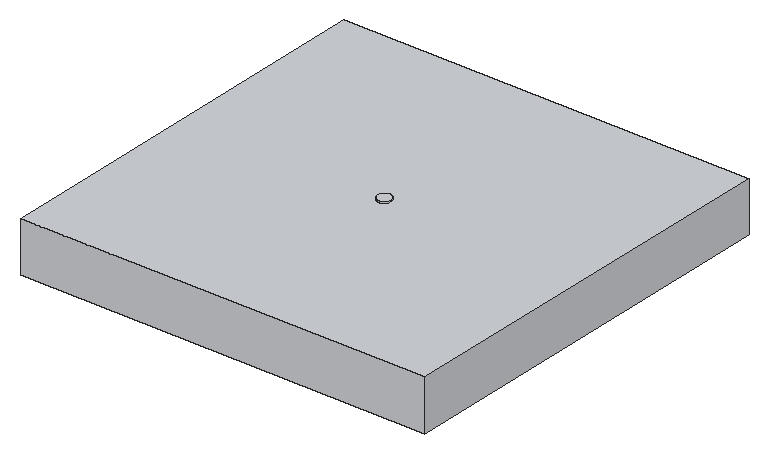
Revit family "M_Sprinkler - Pendente - Embutido por completo - Hospedado", category Sprinklers, Revit 2019
Family settings
  Hospedeiro = Face
  Manter orientação da anotação = Sim
  Cota do conector redondo = Usar raio
  Tipo de parte = Normal
  Número OmniClass = 23.65.70.17.11.24
  Título OmniClass = Fire Fighting Sprinkler Heads
  ID de item do Seek = Sprinkler - Pendent - Fully Recessed - Hosted-0000-CAN-ENU
  Corte com vazios quando carregada = Não
  Compartilhado = Não
  Ponto de cálculo do ambiente = Não
Parameters (values of type "Pendente de 15 mm")
  Classificação de temperatura = 57 °C
  Símbolo [instance] = M_Sprinkler - Símbolo - Pendente : Sprinkler - Símbolo - Pendente
  Resposta = Padrão
  Queda de pressão [instance] = 48300.0 Pa
  Classe de pressão = Padrão
  Tamanho do orifício = 13 mm
  Orifício = Padrão
  Fator-K = 81
  Fluxo [instance] = 2.0 L/s
  Diâmetro do escudete = 83 mm
  Cobertura = Padrão
  Diâmetro nominal = Raio nominal * 2  # 15 mm
  Raio nominal = 7.5 mm
  Raio do escudete = 0.5 * Diâmetro do escudete  # 41.5 mm
  Protrusão = 0 mm
  Comprimento total = 60 mm
  Espessura do escudete = 5 mm
  Elevação-padrão = 2400 mm
  CEL = 7 mm
  Assembly Code = ""
Types (8, lengths in mm): name | Símbolo | Queda de pressão | Tamanho do orifício | Fator-K | Fluxo | Diâmetro nominal | Raio nominal | Comprimento total | CEL
  Pendente de 15 mm | M_Sprinkler - Símbolo - Pendente : Sprinkler - Símbolo - Pendente | 48300.0 Pa | 13 | 81 | 2.0 L/s | 15 | 7.5 | 60 | 7
  Pendente em gota de 15 mm | M_Sprinkler - Símbolo - Pendente em gota : Sprinkler - Símbolo - Pendente em gota | 48300.0 Pa | 13 | 81 | 2.0 L/s | 15 | 7.5 | 60 | 7
  Pendente em gota de 15 mm com proteção | M_Sprinkler - Símbolo - Pendente em gota com proteção : Sprinkler - Símbolo - Pendente em gota com proteção | 48300.0 Pa | 13 | 81 | 2.0 L/s | 15 | 7.5 | 60 | 7
  Pendente de 15 mm com proteção | M_Sprinkler - Símbolo - Pendente com protetor : Sprinkler - Símbolo - Pendente com proteção | 48300.0 Pa | 13 | 81 | 2.0 L/s | 15 | 7.5 | 60 | 7
  Pendente de 20 mm | M_Sprinkler - Símbolo - Pendente : Sprinkler - Símbolo - Pendente | 96500.0 Pa | 14 | 115 | 3.0 L/s | 20 | 10 | 64 | 10
  Pendente em gota de 20 mm | M_Sprinkler - Símbolo - Pendente em gota : Sprinkler - Símbolo - Pendente em gota | 96500.0 Pa | 14 | 115 | 3.0 L/s | 20 | 10 | 64 | 10
  Pendente em gota de 20 mm com proteção | M_Sprinkler - Símbolo - Pendente em gota com proteção : Sprinkler - Símbolo - Pendente em gota com proteção | 96500.0 Pa | 14 | 115 | 3.0 L/s | 20 | 10 | 64 | 10
  Pendente de 20 mm com proteção | M_Sprinkler - Símbolo - Pendente com protetor : Sprinkler - Símbolo - Pendente com proteção | 96500.0 Pa | 14 | 115 | 3.0 L/s | 20 | 10 | 64 | 10
Reference planes
  plane 1 "Centro (Frente/Trás)": y = 0
  plane 2: z = 0
  plane 3 "Centro (Esquerda/Direita)": x = 0
  plane 4: z = -60
  plane 5: z = 5
  plane 6: z = 0
  plane 7: z = -53
Forms (mm)
  Extrusion 1, solid
    sketch origin (0, 0, 0) x (1, 0, 0) y (0, 1, 0)
      loop
        line (-1219.2, 1219.2) -> (-1219.2, -1219.2) -> (1219.2, -1219.2) -> (1219.2, 1219.2) -> (-1219.2, 1219.2)
    from 0 to -304.8
  Extrusion 2, solid
    sketch origin (0, 0, 0) x (1, 0, 0) y (0, 1, 0)
      loop
        circle (0, 0) r 7.5
    from -53 to 0
  Extrusion 3, solid
    sketch origin (0, 0, 0) x (1, 0, 0) y (0, 1, 0)
      loop
        circle (0, 0) r 41.5
    from 0 to 5
Cuts and joins
  joined: Extrusion 2, Extrusion 3
Dimensions and locks
  "Espessura do escudete": plane 5 to level
  "Protrusão": plane 6 to level
  "Comprimento total": plane 6 to plane 4
  "CEL": plane 7 to plane 4
  "Raio nominal": radius of Extrusion 2 sketch curve
  "Raio do escudete": radius of Extrusion 3 sketch curve
  aligned and locked: plane 2 to Extrusion 1
  aligned and locked: level to Extrusion 1
  aligned and locked: Extrusion 3 to level
  aligned and locked: plane 5 to Extrusion 3
  aligned and locked: plane 6 to Extrusion 2
  aligned and locked: Extrusion 2 to plane 7
Automatic sketch dimensions
  Extrusion 2 sketch curve to plane 1 "Centro (Frente/Trás)" = 0 mm
  Extrusion 2 sketch curve to plane 3 "Centro (Esquerda/Direita)" = 0 mm
  Extrusion 3 sketch curve to plane 1 "Centro (Frente/Trás)" = 0 mm
  Extrusion 3 sketch curve to plane 3 "Centro (Esquerda/Direita)" = 0 mm
  Extrusion 1 sketch curve to Extrusion 1 sketch curve = 2438.4 mm  (x2)
Nested families
  nested 1: "M_Sprinkler - Símbolo - Pendente" at (0, 0, 0), type <- "Símbolo", type "Sprinkler - Símbolo - Pendente"
Connectors
  piping at (0, 0, -53), diameter 15, driven by "Raio nominal", driven by "Fluxo", driven by "Queda de pressão"
    settings: on cut or joined group of Extrusion 2, Extrusion 3, index 1, connector inside diameter 15 mm, connector length 0 mm, flow factor 0, pipe flow 2.0 L/s, pressure drop 48300.0 Pa, fitting loss kfactor 0, connector angle 0.00°, fixture units 0, engagement length 0 mm, angle of deflection 0.00°, flow configuration 1, flow direction 1, fitting loss method 4, system type 23, joint type 0, gender type 0, connector reference index -1, connector utility 0, adjustable connector no, is connector primary yes, connector description "In"
Definition of nested family "M_Sprinkler - Símbolo - Pendente"
  Parameters
    Raio do símbolo = 0.5 * Diâmetro do símbolo  # 1.5 mm
    Diâmetro do símbolo = 3 mm
  Reference planes
    plane 1: y = 0
    plane 2: x = 0
  Lines and regions (mm)
    detail lines
      curve 1: circle (0, 0, 0) r 1.5 normal (0, 0, 1)
  Dimensions and locks
    "Raio do símbolo": radius of curve 1
  Automatic sketch dimensions
    curve 1 to plane 1 = 0 mm
    curve 1 to plane 2 = 0 mm
